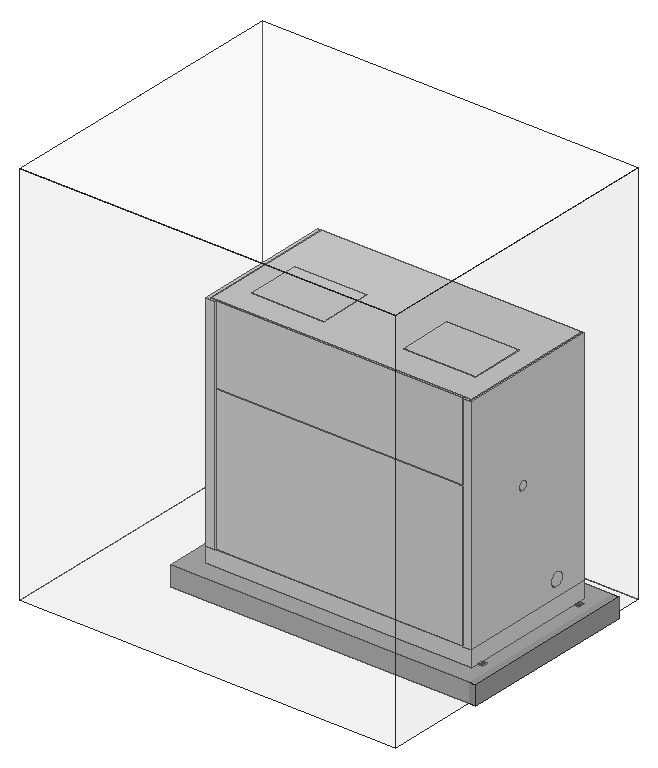
Revit family "pfav-p80_1600dmj1_3_50Hz", category 機械設備, Revit 2019
Family settings
  丸型コネクタ寸法 = 直径を使用
  パーツ タイプ = 標準
  OmniClass 番号 = 23.75.10.24.21.27.27
  OmniClass タイトル = Split System Air Conditioning Units
  作業面ベース = いいえ
  常に垂直 = はい
  ロード時にボイドで切り取り = いいえ
  共有 = いいえ
  部屋計算ポイント = いいえ
Parameters (values of type "PFAV-P1400DMJ3")
  風量（m3／min） = 450
  風量 = MAX風量  # 27000.0 m³/h
  音響パワーレベル(dB) = 77
  電源種別 = ""
  電圧_電気ヒーター = 0 V
  電圧 = 200 V
  電動機出力_送風機 = 15000 W
  電動機出力_圧縮機 = 0 W
  運転質量 = 0.00 kg
  連動 = ""
  質量 = if(製品質量 > 運転質量, 製品質量, 運転質量) * 1.2  # 778.80 kg
  負荷分類 = 3_ファン類
  説明 = "設備用パッケージエアコン 空冷床置形・冷暖兼用 ファシレアＤＤ"
  設計暖房能力 [instance] = 0 kW
  設計冷房能力_顕熱 [instance] = 0 kW
  設計冷房能力 [instance] = 0 kW
  設置方法 = "床置形"
  記号 [instance] = ""
  製造元 = "三菱電機株式会社"
  製品質量 = 649.00 kg
  製品出荷対象 = "国内"
  製品リリース年月 = "2024年5月13日"
  製品グループ = ""
  系統 [instance] = ""
  符号 = "PAC-FRV(J)"
  積算_科目 = "1 空気調和設備"
  積算_拾い区分 [instance] = ""
  相_電気ヒーター = 1
  相 = 3
  盤記号 [instance] = ""
  発停方法 = ""
  特殊仕様 [instance] = ""
  火災停止 = ""
  消費電力_電気ヒーター = 0 W
  消費電力_暖房 = 6090 W
  消費電力_加湿器 = 0 W
  消費電力_冷房 = 6090 W
  消費電力 = if(消費電力_冷房 > 消費電力_暖房, 消費電力_冷房, 消費電力_暖房) + 消費電力_加湿器 + 消費電力_電気ヒーター  # 6090 W
  法定耐用年数 = "15"
  機械基礎質量 [instance] = 0.00 kg
  機械基礎_W = 0 mm
  機械基礎_H = 150 mm
  機械基礎_D = 0 mm
  機械基礎 [instance] = no
  機外静圧 = 100.0 Pa
  極数 = 3
  材質 [instance] = ""
  本体マテリアル = none
  有効加湿量 = 0
  最小電線太さ_mm2 = 14
  最大電流値 = 42 A
  暖房能力 = 140 kW
  推奨ブレーカー容量 = 75 A
  形式_加湿器 = ""
  形式 = "床置（露出）立形"
  形名 = PFAV-P-DMJ : PFAV-P1400DMJ3
  幹線記号 [instance] = ""
  始動方式 = "直入"
  呼称 = "パッケージ形空気調和機_室内機"
  周波数 = 50 Hz
  台数_手元リモコン [instance] = ""
  台数_冷媒分岐ユニット [instance] = ""
  参照している仕様書等のバージョン = "公共建築工事標準仕様書（機械設備工事編）平成31年度版"
  加湿給水管径 = 43.00 mm
  分類コード = "50053003023020"
  分類グループ = ""
  冷房能力 = 122 kW
  冷媒高低圧ガス管径 = 0.00 mm
  冷媒管径符号 = "Ek"
  冷媒管径 = 100.00 mm
  冷媒液管径 = 19.05 mm
  冷媒ガス管径 = 38.10 mm
  価格 = 0
  企業コード = "108420"
  付属品_フィルター = ""
  付属品 [instance] = ""
  仕様書バージョン = "Version1.0"
  モデル = "PFAV-P1400DMJ3"
  ドレン管径 = 42.70 mm
  ダクト高 = 416 mm
  ダクト幅 = 554 mm
  サービススペース = yes
  コメント [instance] = ""
  Keynote = ""
  Width = 2045 mm
  Version = ""
  Uniclass2015Version = "Systems v1.9"
  Uniclass2015Title = "Split coil remote air cooled condensing units"
  Uniclass2015Code = "Pr_70_65_03_84"
  URL = "https://www.mitsubishielectric.co.jp/ldg/wink/qr/002/333196/"
  S寸法 = 150 mm
  SpecificationReference = ""
  SpecificationDescription = ""
  Revision = ""
  ProductInformation = ""
  OmniClassCode = "23-33 17 13 11"
  MAX風量 = 風量（m3／min） * 60.0 m³/h  # 27000.0 m³/h
  IfcTypeProduct = ""
  IfcProduct = ""
  IfcExportType = "AIRCONDITIONINGUNIT"
  IfcExportAs = "IfcUnitaryEquipmentType"
  Height = 1830 mm
  Depth = 1081 mm
  Clearance Top = 1000 mm
  Clearance Right = 100 mm
  Clearance Left = 750 mm
  Clearance Front = 850 mm
  Clearance Back = 400 mm
  COP = 0
  Author = "三菱電機株式会社"
  APF = 0
Types (11, lengths in mm): name | 風量（m3／min） | 風量 | 音響パワーレベル(dB) | 電動機出力_送風機 | 質量 | 製品質量 | 製品リリース年月 | 消費電力_暖房 | 消費電力_冷房 | 消費電力 | 機外静圧 | 最小電線太さ_mm2 | 最大電流値 | 暖房能力 | 推奨ブレーカー容量 | 形名 | 冷房能力 | 冷媒管径符号 | 冷媒液管径 | 冷媒ガス管径 | モデル | ドレン管径 | ダクト高 | ダクト幅 | Width | URL | MAX風量 | Height | Depth | Clearance Left | Clearance Front | Clearance Back
  PFAV-P80DMJ1 | 27 | 1620.0 m³/h | 61 | 1200 W | 145.20 kg | 121.00 kg | "2017年4月18日" | 150 W | 150 W | 150 W | 30.0 Pa | 1.6 | 5 A | 8 kW | 15 A | PFAV-P-DMJ : PFAV-P80DMJ1 | 7.1 kW | "Bd" | 9.52 | 15.88 | "PFAV-P80DMJ1" | 34.00 | 294 | 343 | 760 | "https://www.mitsubishielectric.co.jp/ldg/wink/ssl/displayProduct.do?pid=278603" | 1620.0 m³/h | 1730 | 485 | 100 | 800 | 50
  PFAV-P280DMJ3 | 90 | 5400.0 m³/h | 76 | 1200 W | 168.00 kg | 140.00 kg | "2024年5月13日" | 1150 W | 1150 W | 1150 W | 30.0 Pa | 1.6 | 5.8 A | 28 kW | 15 A | PFAV-P-DMJ : PFAV-P280DMJ3 | 25 kW | "Bf" | 9.52 | 22.20 | "PFAV-P280DMJ3" | 34.00 | 294 | 675 | 980 | "https://www.mitsubishielectric.co.jp/ldg/wink/qr/002/333190/" | 5400.0 m³/h | 1730 | 485 | 100 | 800 | 50
  PFAV-P450DMJ3 | 140 | 8400.0 m³/h | 75 | 2400 W | 288.00 kg | 240.00 kg | "2024年5月13日" | 1310 W | 1310 W | 1310 W | 30.0 Pa | 1.6 | 9.7 A | 45 kW | 15 A | PFAV-P-DMJ : PFAV-P450DMJ3 | 40 kW | "Ch" | 12.70 | 28.58 | "PFAV-P450DMJ3" | 34.00 | 444 | 1006 | 1200 | "https://www.mitsubishielectric.co.jp/ldg/wink/qr/002/333191/" | 8400.0 m³/h | 1897 | 635 | 100 | 800 | 50
  PFAV-P140DMJ1 | 45 | 2700.0 m³/h | 68 | 1200 W | 163.20 kg | 136.00 kg | "2017年4月18日" | 410 W | 410 W | 410 W | 30.0 Pa | 1.6 | 5 A | 14 kW | 15 A | PFAV-P-DMJ : PFAV-P140DMJ1 | 12.5 kW | "Bd" | 9.52 | 15.88 | "PFAV-P140DMJ1" | 34.00 | 294 | 343 | 760 | "https://www.mitsubishielectric.co.jp/ldg/wink/ssl/displayProduct.do?pid=278604" | 2700.0 m³/h | 1730 | 485 | 100 | 800 | 50
  PFAV-P224DMJ3 | 65 | 3900.0 m³/h | 68 | 1200 W | 163.20 kg | 136.00 kg | "2024年5月13日" | 510 W | 510 W | 510 W | 30.0 Pa | 1.6 | 5.8 A | 22.4 kW | 15 A | PFAV-P-DMJ : PFAV-P224DMJ3 | 20 kW | "Be" | 9.52 | 19.05 | "PFAV-P224DMJ3" | 34.00 | 294 | 675 | 980 | "https://www.mitsubishielectric.co.jp/ldg/wink/qr/002/333189/" | 3900.0 m³/h | 1730 | 485 | 100 | 800 | 50
  PFAV-P560DMJ3 | 165 | 9900.0 m³/h | 78 | 2400 W | 288.00 kg | 240.00 kg | "2024年5月13日" | 1690 W | 1690 W | 1690 W | 30.0 Pa | 1.6 | 9.7 A | 56 kW | 15 A | PFAV-P-DMJ : PFAV-P560DMJ3 | 50 kW | "Dh" | 15.88 | 28.58 | "PFAV-P560DMJ3" | 34.00 | 444 | 1006 | 1200 | "https://www.mitsubishielectric.co.jp/ldg/wink/qr/002/333192/" | 9900.0 m³/h | 1897 | 635 | 100 | 800 | 50
  PFAV-P670DMJ3 | 210 | 12600.0 m³/h | 77 | 7500 W | 508.80 kg | 424.00 kg | "2024年5月13日" | 2140 W | 2140 W | 2140 W | 100.0 Pa | 5.5 | 21 A | 63 kW | 40 A | PFAV-P-DMJ : PFAV-P670DMJ3 | 63 kW | "Dh" | 15.88 | 28.58 | "PFAV-P670DMJ3" | 42.70 | 416 | 554 | 1750 | "https://www.mitsubishielectric.co.jp/ldg/wink/qr/002/333193/" | 12600.0 m³/h | 1830 | 1081 | 750 | 800 | 400
  PFAV-P800DMJ3 | 260 | 15600.0 m³/h | 82 | 7500 W | 516.00 kg | 430.00 kg | "2024年5月13日" | 3640 W | 3640 W | 3640 W | 100.0 Pa | 5.5 | 21 A | 80 kW | 40 A | PFAV-P-DMJ : PFAV-P800DMJ3 | 71 kW | "Ei" | 19.05 | 31.75 | "PFAV-P800DMJ3" | 42.70 | 416 | 554 | 1750 | "https://www.mitsubishielectric.co.jp/ldg/wink/qr/002/333194/" | 15600.0 m³/h | 1830 | 1081 | 750 | 800 | 400
  PFAV-P1120DMJ3 | 340 | 20400.0 m³/h | 85 | 11000 W | 574.80 kg | 479.00 kg | "2024年5月13日" | 5960 W | 5960 W | 5960 W | 100.0 Pa | 8 | 32.4 A | 112 kW | 50 A | PFAV-P-DMJ : PFAV-P1120DMJ3 | 100 kW | "Ek" | 19.05 | 38.10 | "PFAV-P1120DMJ3" | 42.70 | 416 | 554 | 1750 | "https://www.mitsubishielectric.co.jp/ldg/wink/qr/002/333195/" | 20400.0 m³/h | 1830 | 1081 | 750 | 800 | 400
  PFAV-P1400DMJ3 | 450 | 27000.0 m³/h | 77 | 15000 W | 778.80 kg | 649.00 kg | "2024年5月13日" | 6090 W | 6090 W | 6090 W | 100.0 Pa | 14 | 42 A | 140 kW | 75 A | PFAV-P-DMJ : PFAV-P1400DMJ3 | 122 kW | "Ek" | 19.05 | 38.10 | "PFAV-P1400DMJ3" | 42.70 | 416 | 554 | 2045 | "https://www.mitsubishielectric.co.jp/ldg/wink/qr/002/333196/" | 27000.0 m³/h | 1830 | 1081 | 750 | 850 | 400
  PFAV-P1600DMJ3 | 520 | 31200.0 m³/h | 79 | 22000 W | 866.40 kg | 722.00 kg | "2024年5月13日" | 8420 W | 8420 W | 8420 W | 100.0 Pa | 22 | 64.8 A | 160 kW | 75 A | PFAV-P-DMJ : PFAV-P1600DMJ3 | 140 kW | "Ei" | 19.05 | 31.75 | "PFAV-P1600DMJ3" | 42.70 | 416 | 554 | 2045 | "https://www.mitsubishielectric.co.jp/ldg/wink/qr/002/333197/" | 31200.0 m³/h | 1830 | 1081 | 750 | 850 | 400
Reference planes
  plane 1: z = 0
  plane 2: z = 1980
  plane 3: z = 150
  plane 4: z = 2980
  plane 5 "中心(正面/背面)": y = -540.5
  plane 6 "中心(左/右)": x = 0
  plane 7 "左": x = -1022.5
  plane 8 "右": x = 1022.5
  plane 9 "正面": y = -1081
  plane 10 "背面": y = 0
  plane 11: y = 150
  plane 12: x = -1172.5
  plane 13: y = -1231
  plane 14: y = 400
  plane 15: y = -1931
  plane 16: x = -1772.5
  plane 17: x = 1122.5
  plane 18: x = 1172.5
Dimensions and locks
  "Height": plane 2 to plane 3
  "Clearance Top": plane 4 to plane 2
  "機械基礎_H": plane 3 to plane 1
  equal spacing: plane 7 "左", plane 6 "中心(左/右)", plane 8 "右"
  "Width": plane 7 "左" to plane 8 "右"
  equal spacing: plane 9 "正面", plane 5 "中心(正面/背面)", plane 10 "背面"
  "Depth": plane 9 "正面" to plane 10 "背面"
  "S寸法": plane 10 "背面" to plane 11
  "S寸法": plane 13 to plane 9 "正面"
  "S寸法": plane 12 to plane 7 "左"
  "Clearance Left": plane 16 to plane 7 "左"
  "Clearance Right": plane 8 "右" to plane 17
  "Clearance Front": plane 15 to plane 9 "正面"
  "Clearance Back": plane 10 "背面" to plane 14
  "S寸法": plane 8 "右" to plane 18
  nested 3 to plane 10 "背面" = 410 mm
  nested 3 to plane 8 "右" = 175 mm
  aligned and locked: level to plane 1
  aligned and locked: plane 13 to nested 1
  aligned and locked: plane 12 to nested 1
  aligned and locked: plane 11 to nested 1
  aligned and locked: plane 17 to nested 2
  aligned and locked: nested 2 to plane 15
  aligned and locked: nested 2 to plane 16
  aligned and locked: nested 2 to plane 14
  aligned and locked: plane 18 to nested 1
  aligned and locked: plane 4 to nested 2
  aligned and locked: plane 6 "中心(左/右)" to nested 3
  aligned and locked: plane 5 "中心(正面/背面)" to nested 3
Nested families
  nested 1: "機械基礎" at (0, -540.5, 0), type "機械基礎", detail levels fine
    with 機械基礎質量 184.68 kg, 機械基礎_W 2345 mm, 機械基礎_H 150 mm, 機械基礎_D 1381 mm
  nested 2: "サービススペース(PFAV-P-DMJ)" at (-325, -765.5, 1490), visible <- "サービススペース", type "サービススペース(PFAV-P-DMJ)"
    with Width 2895 mm, Height 2980 mm, Depth 2331 mm
  nested 3: "PFAV-P-DMJ" at (0, -540.5, 150), type <- "形名", マテリアル1 <- "本体マテリアル", type "PFAV-P1400DMJ3"
    with 表示 yes, マテリアル2 none, マテリアル1 none
Connectors
  electrical at (1025.5, -592, 1190), driven by "極数", driven by "負荷分類", driven by "電圧", driven by "消費電力"
    settings: on nested 3, index 3, voltage 200 V, apparent load 6090 VA, apparent load phase1 0 VA, apparent load phase2 0 VA, apparent load phase3 0 VA, power factor 1, load classification "3_ファン類", number of poles 3, system type 30, power factor state 1, is connector primary yes, connector utility no, sub classification motor no, connector description ""
  piping at (-1025.5, -265.5, 400), diameter 100, driven by "冷媒管径", driven by "冷媒管径符号"
    settings: on nested 3, index 4, connector inside diameter 609.60 mm, connector length 0 mm, flow factor 0, pipe flow 0.0 L/s, pressure drop 0.0 Pa, fitting loss kfactor 0, connector angle 0.00°, fixture units 0, engagement length 0 mm, angle of deflection 0.00°, flow configuration 1, flow direction 1, fitting loss method 4, system type 7, joint type 0, gender type 0, connector reference index -1, connector utility 0, adjustable connector no, is connector primary yes, connector description "Ek"
  piping at (-1025.5, -465.5, 400), diameter 100, driven by "冷媒管径", driven by "冷媒管径符号"
    settings: on nested 3, index 5, connector inside diameter 609.60 mm, connector length 0 mm, flow factor 0, pipe flow 0.0 L/s, pressure drop 0.0 Pa, fitting loss kfactor 0, connector angle 0.00°, fixture units 0, engagement length 0 mm, angle of deflection 0.00°, flow configuration 1, flow direction 1, fitting loss method 4, system type 7, joint type 0, gender type 0, connector reference index -1, connector utility 0, adjustable connector no, is connector primary no, connector description "Ek"
  piping at (-0.5, 1, 190), diameter 42.7, driven by "ドレン管径"
    settings: on nested 3, index 7, connector inside diameter 609.60 mm, connector length 0 mm, flow factor 0, pipe flow 0.0 L/s, pressure drop 0.0 Pa, fitting loss kfactor 0, connector angle 0.00°, fixture units 0, engagement length 0 mm, angle of deflection 0.00°, flow configuration 1, flow direction 2, fitting loss method 4, system type 16, joint type 0, gender type 0, connector reference index -1, connector utility 0, adjustable connector no, is connector primary no, connector description ""
  piping at (1025.5, -265.5, 400), diameter 100, driven by "冷媒管径", driven by "冷媒管径符号"
    settings: on nested 3, index 8, connector inside diameter 609.60 mm, connector length 0 mm, flow factor 0, pipe flow 0.0 L/s, pressure drop 0.0 Pa, fitting loss kfactor 0, connector angle 0.00°, fixture units 0, engagement length 0 mm, angle of deflection 0.00°, flow configuration 1, flow direction 1, fitting loss method 4, system type 7, joint type 0, gender type 0, connector reference index -1, connector utility 0, adjustable connector no, is connector primary no, connector description "Ek"
  piping at (1022.5, -465.5, 400), diameter 100, driven by "冷媒管径", driven by "冷媒管径符号"
    settings: on nested 3, index 9, connector inside diameter 609.60 mm, connector length 0 mm, flow factor 0, pipe flow 0.0 L/s, pressure drop 0.0 Pa, fitting loss kfactor 0, connector angle 0.00°, fixture units 0, engagement length 0 mm, angle of deflection 0.00°, flow configuration 1, flow direction 1, fitting loss method 4, system type 7, joint type 0, gender type 0, connector reference index -1, connector utility 0, adjustable connector no, is connector primary no, connector description "Ek"
  piping at (-1023.5, -314, 190), diameter 42.7, driven by "ドレン管径"
    settings: on nested 3, index 11, connector inside diameter 609.60 mm, connector length 0 mm, flow factor 0, pipe flow 0.0 L/s, pressure drop 0.0 Pa, fitting loss kfactor 0, connector angle 0.00°, fixture units 0, engagement length 0 mm, angle of deflection 0.00°, flow configuration 1, flow direction 2, fitting loss method 4, system type 16, joint type 0, gender type 0, connector reference index -1, connector utility 0, adjustable connector no, is connector primary no, connector description ""
  hvac at (570.5, -618, 1981), driven by "ダクト高", driven by "ダクト幅", driven by "機外静圧", driven by "風量"
    settings: on nested 3, index 12, duct flow 27000.0 m³/h, flow factor 0, pres drop 100.0 Pa, loss coef 0, conn angle 0.00°, conn width 554 mm, conn height 416 mm, conn diameter 609.6 mm, duct sys type 1, conn prof type 1, flow config 1, flow direction 2, loss method 4, conn ref index -1, conn util no, is conn primary yes, conn desc ""
  hvac at (-566.5, -659, 1981), driven by "ダクト高", driven by "ダクト幅", driven by "機外静圧", driven by "風量"
    settings: on nested 3, index 13, duct flow 27000.0 m³/h, flow factor 0, pres drop 100.0 Pa, loss coef 0, conn angle 0.00°, conn width 554 mm, conn height 416 mm, conn diameter 609.6 mm, duct sys type 1, conn prof type 1, flow config 1, flow direction 2, loss method 4, conn ref index -1, conn util no, is conn primary no, conn desc ""
Definition of nested family "機械基礎"
  Parameters (values of type "機械基礎")
    機械基礎質量 [instance] = 0.00 kg
    機械基礎_W [instance] = 1300 mm
    機械基礎_H [instance] = 150 mm
    機械基礎_D [instance] = 1300 mm
  Reference planes
    plane 1 "中心(正面/背面)": y = 0
    plane 2: z = 0
    plane 3 "中心(左/右)": x = 0
    plane 4: x = -650
    plane 5: y = -650
    plane 6: x = 650
    plane 7: y = 650
    plane 8: z = 150
  Forms (mm)
    Extrusion 1, solid, detail levels fine
      sketch origin (0, 0, 0) x (1, 0, 0) y (0, 1, 0)
        loop
          line (-650, -650) -> (650, -650) -> (650, 650) -> (-650, 650) -> (-650, -650)
      from 0 to 150
  Lines and regions (mm)
    symbolic lines, detail levels fine
      curve 1: line (-650, 650, 0) -> (650, 650, 0)
      curve 2: line (-650, -650, 0) -> (-650, 650, 0)
      curve 3: line (650, -650, 0) -> (-650, -650, 0)
      curve 4: line (650, 650, 0) -> (650, -650, 0)
    symbolic lines
      curve 5: line (-650, 0, 150) -> (650, 0, 150)
      curve 6: line (-650, 0, 0) -> (-650, 0, 150)
      curve 7: line (650, 0, 0) -> (-650, 0, 0)
      curve 8: line (650, 0, 150) -> (650, 0, 0)
      curve 9: line (0, -650, 150) -> (0, 650, 150)
      curve 10: line (0, -650, 0) -> (0, -650, 150)
      curve 11: line (0, 650, 0) -> (0, -650, 0)
      curve 12: line (0, 650, 150) -> (0, 650, 0)
  Dimensions and locks
    "機械基礎_H": plane 8 to plane 2
    "機械基礎_W": plane 4 to plane 6
    "機械基礎_D": plane 5 to plane 7
    equal spacing: plane 5, plane 1 "中心(正面/背面)", plane 7
    equal spacing: plane 4, plane 3 "中心(左/右)", plane 6
    aligned and locked: plane 6 to Extrusion 1
    aligned and locked: Extrusion 1 to plane 4
    aligned and locked: Extrusion 1 to plane 7
    aligned and locked: Extrusion 1 to plane 5
    aligned and locked: plane 8 to Extrusion 1
    aligned and locked: curve 1 to Extrusion 1
    aligned and locked: curve 2 to Extrusion 1
    aligned and locked: curve 3 to Extrusion 1
    aligned and locked: curve 4 to Extrusion 1
    aligned and locked: curve 5 to Extrusion 1
    aligned and locked: curve 6 to Extrusion 1
    aligned and locked: curve 7 to Extrusion 1
    aligned and locked: curve 8 to Extrusion 1
    aligned and locked: curve 9 to Extrusion 1
    aligned and locked: curve 10 to Extrusion 1
    aligned and locked: curve 11 to Extrusion 1
    aligned and locked: curve 12 to Extrusion 1
  Automatic sketch dimensions
    Extrusion 1 sketch curve to plane 4 = 0 mm
    Extrusion 1 sketch curve to plane 6 = 0 mm
    plane 5 to Extrusion 1 sketch curve = 0 mm
    plane 7 to Extrusion 1 sketch curve = 0 mm
Definition of nested family "サービススペース(PFAV-P-DMJ)"
  Parameters (values of type "サービススペース")
    Width [instance] = 500 mm
    Height [instance] = 500 mm
    Depth [instance] = 500 mm
  Reference planes
    plane 1 "中心(正面/背面)": y = 0
    plane 2: z = 0
    plane 3 "中心(左/右)": x = 0
    plane 4: y = -250
    plane 5: x = 250
    plane 6: y = 250
    plane 7: x = -250
    plane 8: z = 250
    plane 9: z = -250
  Forms (mm)
    Extrusion 1, solid
      sketch origin (-638.939, 0, 72.39) x (1, 0, 0) y (0, 1, 0)
        loop
          line (388.939, 250) -> (388.939, -250) -> (888.939, -250) -> (888.939, 250) -> (388.939, 250)
      from -322.39 to 177.61
  Lines and regions (mm)
    symbolic lines
      curve 1: line (-250, 0, 250) -> (250, 0, 250)
      curve 2: line (-250, 0, -250) -> (-250, 0, 250)
      curve 3: line (250, 0, -250) -> (-250, 0, -250)
      curve 4: line (250, 0, 250) -> (250, 0, -250)
      curve 5: line (0, -250, 250) -> (0, 250, 250)
      curve 6: line (0, -250, -250) -> (0, -250, 250)
      curve 7: line (0, 250, -250) -> (0, -250, -250)
      curve 8: line (0, 250, 250) -> (0, 250, -250)
      curve 9: line (-250, 250, 0) -> (250, 250, 0)
      curve 10: line (-250, -250, 0) -> (-250, 250, 0)
      curve 11: line (250, -250, 0) -> (-250, -250, 0)
      curve 12: line (250, 250, 0) -> (250, -250, 0)
  Dimensions and locks
    equal spacing: plane 7, plane 3 "中心(左/右)", plane 5
    equal spacing: plane 4, plane 1 "中心(正面/背面)", plane 6
    "Depth": plane 4 to plane 6
    "Width": plane 7 to plane 5
    equal spacing: plane 8, plane 2, plane 9
    "Height": plane 8 to plane 9
    aligned and locked: plane 9 to curve 3
    aligned and locked: plane 7 to curve 2
    aligned and locked: curve 4 to plane 5
    aligned and locked: plane 5 to Extrusion 1
    aligned and locked: Extrusion 1 to plane 7
    aligned and locked: Extrusion 1 to plane 9
    aligned and locked: plane 8 to Extrusion 1
    aligned and locked: plane 9 to curve 7
  Automatic sketch dimensions
    plane 4 to Extrusion 1 sketch curve = 0 mm
    Extrusion 1 sketch curve to plane 7 = 0 mm
    Extrusion 1 sketch curve to plane 5 = 0 mm
    plane 6 to Extrusion 1 sketch curve = 0 mm
    curve 2 to plane 8 = 0 mm
    plane 4 to curve 11 = 0 mm
    curve 11 to plane 7 = 0 mm
    curve 11 to plane 5 = 0 mm
    plane 6 to curve 10 = 0 mm
    curve 7 to plane 4 = 0 mm
    curve 7 to plane 6 = 0 mm
    curve 6 to plane 8 = 0 mm
Definition of nested family "PFAV-P-DMJ"
  Parameters (values of type "PFAV-P1600DMJ3")
    液径 = 19.05 mm
    液②-D = 673 mm
    液-W = 0 mm
    液-H = 255 mm
    液①-D = 863 mm
    吹出口表示 = yes
    冷媒配管② = yes
    冷媒径 = 100 mm
    ドレン② = yes
    ドレン① = no
    ガス②-D = 769 mm
    ①高 = 1830 mm
    電源径 = 62 mm
    電源-W = 0 mm
    電源-H = 1040 mm
    電源-D = 489 mm
    表示 [instance] = yes
    ①幅 = 2045 mm
    ①奥行 = 1081 mm
    吊りボルト径 = 20 mm
    吊りボルト-W = 2101 mm
    吊りボルト-D = 931 mm
    吊りボルト-H = 0 mm
    ガス径 = 31.75 mm
    ガス-W = 0 mm
    ガス-H = 245 mm
    ガス①-D = 958 mm
    マテリアル2 [instance] = none
    マテリアル1 [instance] = none
    ドレン径 = 42.7 mm
    ドレン-W = 1023 mm
    ドレン-H = 40 mm
    ドレン-D = 314 mm
    w = 554 mm
    k = 451 mm
    j = 583 mm
    h = 1 mm
    f = 0 mm
    e = 600 mm
    c = 3 mm
    d = 416 mm
    b = 175 mm
    a = 410 mm
  Types (11, lengths in mm): name | 液径 | 液②-D | 液-H | 液①-D | 吹出口表示 | 冷媒配管② | ドレン② | ドレン① | ガス②-D | ①高 | 電源径 | 電源-H | 電源-D | ①幅 | ①奥行 | 吊りボルト径 | 吊りボルト-W | 吊りボルト-D | ガス径 | ガス-H | ガス①-D | ドレン径 | ドレン-W | ドレン-H | ドレン-D | w | k | j | h | c | d | b | a
    PFAV-P80DMJ1 | 9.52 | 49 | 172 | 249 | no | no | no | yes | 49 | 1730 | 27 | 262 | 326 | 760 | 485 | 12 | 806 | 300 | 15.88 | 262 | 249 | 34 | 200 | 54 | 240 | 343 | 19 | 0 | 20 | 10 | 294 | 236 | 42
    PFAV-P140DMJ1 | 9.52 | 49 | 172 | 249 | no | no | no | yes | 49 | 1730 | 27 | 262 | 326 | 760 | 485 | 12 | 806 | 300 | 15.88 | 262 | 249 | 34 | 200 | 54 | 240 | 343 | 19 | 0 | 20 | 10 | 294 | 236 | 42
    PFAV-P224DMJ3 | 9.52 | 451 | 172 | 251 | no | no | no | yes | 451 | 1730 | 27 | 262 | 328 | 980 | 485 | 12 | 1026 | 300 | 19.05 | 262 | 251 | 34 | 200 | 54 | 240 | 675 | 22 | 0 | 20 | 10 | 294 | 191 | 41
    PFAV-P280DMJ3 | 9.52 | 451 | 172 | 251 | no | no | no | yes | 451 | 1730 | 27 | 262 | 328 | 980 | 485 | 12 | 1026 | 300 | 22.2 | 262 | 251 | 34 | 200 | 54 | 240 | 675 | 22 | 0 | 20 | 10 | 294 | 191 | 41
    PFAV-P450DMJ3 | 12.7 | 444 | 203 | 244 | no | no | no | yes | 328 | 1897 | 37 | 249 | 475 | 1200 | 635 | 12 | 1246 | 440 | 28.58 | 209 | 128 | 34 | 200 | 54 | 314 | 1006 | 24 | 0 | 3 | 10 | 444 | 97 | 44
    PFAV-P560DMJ3 | 15.88 | 444 | 203 | 244 | no | no | no | yes | 328 | 1897 | 37 | 249 | 475 | 1200 | 635 | 12 | 1246 | 440 | 28.58 | 209 | 128 | 34 | 200 | 54 | 314 | 1006 | 24 | 0 | 3 | 10 | 444 | 97 | 44
    PFAV-P670DMJ3 | 15.88 | 608 | 255 | 408 | no | no | yes | no | 513 | 1830 | 62 | 1040 | 592 | 1750 | 1081 | 15 | 1806 | 931 | 28.58 | 245 | 313 | 42.7 | 875 | 40 | 314 | 554 | 412 | 0 | 1 | 3 | 416 | 512 | 412
    PFAV-P800DMJ3 | 19.05 | 608 | 255 | 408 | no | no | yes | no | 513 | 1830 | 62 | 1040 | 592 | 1750 | 1081 | 15 | 1806 | 931 | 31.75 | 245 | 313 | 42.7 | 875 | 40 | 314 | 554 | 412 | 0 | 1 | 3 | 416 | 512 | 412
    PFAV-P1120DMJ3 | 19.05 | 608 | 255 | 408 | no | no | yes | no | 513 | 1830 | 62 | 1040 | 592 | 1750 | 1081 | 15 | 1806 | 931 | 38.1 | 245 | 313 | 42.7 | 875 | 40 | 314 | 554 | 412 | 0 | 1 | 3 | 416 | 512 | 412
    PFAV-P1400DMJ3 | 19.05 | 608 | 255 | 408 | yes | no | yes | no | 323 | 1830 | 62 | 1040 | 592 | 2045 | 1081 | 20 | 2101 | 931 | 38.1 | 245 | 123 | 42.7 | 1023 | 40 | 314 | 554 | 451 | 583 | 1 | 3 | 416 | 175 | 410
    PFAV-P1600DMJ3 | 19.05 | 673 | 255 | 863 | yes | yes | yes | no | 769 | 1830 | 62 | 1040 | 489 | 2045 | 1081 | 20 | 2101 | 931 | 31.75 | 245 | 958 | 42.7 | 1023 | 40 | 314 | 554 | 451 | 583 | 1 | 3 | 416 | 175 | 410
  Reference planes
    plane 1 "中心(正面/背面)": y = 0
    plane 2: z = 0
    plane 3 "中心(左/右)": x = 0
    plane 4: x = 1022.5
    plane 5: x = -1022.5
    plane 6: y = 540.5
    plane 7: y = -540.5
    plane 8: z = 1831
    plane 9: z = 1230
    plane 10: z = 1830
    plane 11: z = 120
    plane 12: y = 465.5
    plane 13: y = -465.5
    plane 14: x = 1050.5
    plane 15: x = -1050.5
    plane 16: y = 130.5
    plane 17: y = -460.5
    plane 18: z = 40
    plane 19: z = 1040
    plane 20: y = -322.5
    plane 21: z = 255
    plane 22: z = 245
    plane 23: z = 1829
    plane 24: y = -417.5
    plane 25: x = 1002.5
    plane 26: x = -1002.5
    plane 27: z = 1227
    plane 28: y = -520.5
    plane 29: x = -952.5
    plane 30: x = 952.5
    plane 31: y = -537.5
    plane 32: x = 1062.5
    plane 33: x = -1062.5
    plane 34: y = 485.5
    plane 35: y = 445.5
    plane 36: y = -445.5
    plane 37: y = -485.5
    plane 38: y = 130.5
    plane 39: z = 5
    plane 40: x = 847.5
    plane 41: x = 847.5
    plane 42: x = 293.5
    plane 43: x = 293.5
    plane 44: y = -285.5
    plane 45: y = -285.5
    plane 46: y = 226.5
    plane 47: y = 51.5
    plane 48: x = 1025.5
    plane 49: y = -370
    plane 50: z = 250
    plane 51: x = -1023.5
    plane 52: y = 541.5
    plane 53: x = -0.5
    plane 54: x = -1025.5
    plane 55: y = 77.5
    plane 56 "液②-D": y = -132.5
    plane 57 "ガス②-D": y = -228.5
    plane 58: y = -180.5
    plane 59: x = -289.5
    plane 60: x = -843.5
    plane 61: y = 89.5
    plane 62: y = -326.5
  Forms (mm)
    Extrusion 1, solid, material <- "マテリアル1", visible <- "表示", detail levels fine
      sketch origin (0, 0, -400) x (1, 0, 0) y (0, 1, 0)
        loop
          line (952.5, -520.5) -> (-952.5, -520.5) -> (-952.5, -537.5) -> (952.5, -537.5) -> (952.5, -520.5)
      from 1630 to 2230
    Extrusion 2, solid, material <- "マテリアル1", visible <- "表示", detail levels fine
      sketch origin (0, 0, -800) x (1, 0, 0) y (0, 1, 0)
        loop
          line (-952.5, -537.5) -> (952.5, -537.5) -> (952.5, -520.5) -> (-952.5, -520.5) -> (-952.5, -537.5)
      from 920 to 2027
    Extrusion 3, solid, material <- "マテリアル2", visible <- "表示", detail levels fine
      sketch origin (0, 0, 0) x (1, 0, 0) y (0, 1, 0)
        loop
          line (1022.5, 485.5) -> (1022.5, 445.5) -> (1062.5, 445.5) -> (1062.5, 485.5) -> (1022.5, 485.5)
        loop
          line (1022.5, -445.5) -> (1022.5, -485.5) -> (1062.5, -485.5) -> (1062.5, -445.5) -> (1022.5, -445.5)
        loop
          line (-1062.5, 485.5) -> (-1062.5, 445.5) -> (-1022.5, 445.5) -> (-1022.5, 485.5) -> (-1062.5, 485.5)
        loop
          line (-1062.5, -445.5) -> (-1062.5, -485.5) -> (-1022.5, -485.5) -> (-1022.5, -445.5) -> (-1062.5, -445.5)
        loop
          circle (-1050.5, 465.5) r 10
        loop
          circle (1050.5, 465.5) r 10
        loop
          circle (1050.5, -465.5) r 10
        loop
          circle (-1050.5, -465.5) r 10
      from 0 to 5
    Extrusion 4, solid, material <- "マテリアル2", visible <- "表示", detail levels fine
      sketch origin (0, -1140, 0) x (0, -1, 0) y (1, 0, 0)
        loop
          line (-1270.5, 847.5) -> (-1270.5, 293.5) -> (-854.5, 293.5) -> (-854.5, 847.5) -> (-1270.5, 847.5)
      from 1830 to 1831
    Extrusion 5, solid, material <- "マテリアル1", visible <- "表示", detail levels fine
      sketch origin (-1437.329, -1524, 1831) x (-1, 0, 0) y (0, -1, 0)
        loop
          line (-414.829, -2064.5) -> (-414.829, -983.5) -> (-484.829, -983.5) -> (-484.829, -1003.5) -> (-434.829, -1003.5) -> (-434.829, -2064.5) -> (-414.829, -2064.5)
        loop
          line (-2439.829, -2064.5) -> (-2439.829, -1003.5) -> (-2389.829, -1003.5) -> (-2389.829, -983.5) -> (-2459.829, -983.5) -> (-2459.829, -2064.5) -> (-2439.829, -2064.5)
      from -1711 to -1
    Extrusion 6, solid, material <- "マテリアル1", visible <- "表示", detail levels fine
      sketch origin (-1437.329, -1524, 1831) x (-1, 0, 0) y (0, -1, 0)
        loop
          line (-2439.829, -2064.5) -> (-434.829, -2064.5) -> (-434.829, -1003.5) -> (-2439.829, -1003.5) -> (-2439.829, -2064.5)
      from -1711 to -1
    Extrusion 7, solid, material <- "マテリアル2", visible <- "表示", detail levels fine
      sketch origin (-1437.329, -1524, 1831) x (-1, 0, 0) y (0, -1, 0)
        loop
          line (-414.829, -2064.5) -> (-414.829, -983.5) -> (-2459.829, -983.5) -> (-2459.829, -2064.5) -> (-414.829, -2064.5)
      from -1831 to -1711
    Extrusion 8, solid, material <- "マテリアル2", visible <- "表示", detail levels fine
      sketch origin (1022.5, 1296.25, 1200) x (0, 1, 0) y (0, 0, 1)
        loop
          circle (-1244.75, -160) r 31
      from 0 to 3
    Extrusion 9, solid, material <- "マテリアル1", visible <- "表示", detail levels fine
      sketch origin (1022.5, 1296.25, 1200) x (0, 1, 0) y (0, 0, 1)
        loop
          circle (-1666.25, -950) r 50
      from 0 to 3
    Extrusion 10, solid, material <- "マテリアル1", visible <- "ドレン①", detail levels fine
      sketch origin (-1022.5, 1296.25, 1200) x (0, 1, 0) y (0, 0, 1)
        loop
          circle (-1069.75, -1160) r 21.35
      from -1 to 0
    Extrusion 11, solid, material <- "マテリアル1", visible <- "ドレン②", detail levels fine
      sketch origin (1480.036, -537.5, 2000) x (1, 0, 0) y (0, 0, 1)
        loop
          circle (-1480.536, -1960) r 21.35
      from -1079 to -1078
    Extrusion 12, solid, material <- "マテリアル1", visible <- "表示", detail levels fine
      sketch origin (-1022.5, 1296.25, 1200) x (0, 1, 0) y (0, 0, 1)
        loop
          circle (-1244.75, -160) r 31
      from -3 to 0
    Extrusion 13, solid, material <- "マテリアル1", visible <- "表示", detail levels fine
      sketch origin (-1022.5, 1296.25, 1200) x (0, 1, 0) y (0, 0, 1)
        loop
          circle (-1666.25, -950) r 50
      from -3 to 0
    Extrusion 14, solid, material <- "マテリアル1", visible <- "冷媒配管②", detail levels fine
      sketch origin (1022.5, 1296.25, 1200) x (0, 1, 0) y (0, 0, 1)
        loop
          circle (-1476.75, -950) r 50
      from 0 to 3
    Extrusion 15, solid, material <- "マテリアル1", visible <- "冷媒配管②", detail levels fine
      sketch origin (-1022.5, 1296.25, 1200) x (0, 1, 0) y (0, 0, 1)
        loop
          circle (-1476.75, -950) r 50
      from -3 to 0
    Extrusion 16, solid, material <- "マテリアル1", visible <- "吹出口表示", detail levels fine
      sketch origin (-1437.329, -1524, 1831) x (-1, 0, 0) y (0, -1, 0)
        loop
          line (-593.829, -1613.5) -> (-593.829, -1197.5) -> (-1147.829, -1197.5) -> (-1147.829, -1613.5) -> (-593.829, -1613.5)
      from -1 to 0
  Lines and regions (mm)
    Masking region 1, visible <- "表示", detail levels coarse+medium
      outline origin (0, 0, 0) x (1, 0, 0) y (0, 1, 0)
        loop
          line (-1022.5, 540.5) -> (-1022.5, -540.5) -> (1022.5, -540.5) -> (1022.5, 540.5) -> (-1022.5, 540.5)
    symbolic lines, visible <- "表示"
      curve 1: line (-1022.5, 540.5, 1831) -> (-1022.5, -540.5, 1831)
      curve 2: line (-1022.5, -540.5, 1831) -> (1022.5, -540.5, 1831)
      curve 3: line (1022.5, -540.5, 1831) -> (1022.5, 540.5, 1831)
      curve 4: line (1022.5, 540.5, 1831) -> (-1022.5, 540.5, 1831)
      curve 5: line (293.5, 130.5, 1831) -> (293.5, -285.5, 1831)
      curve 6: line (293.5, -285.5, 1831) -> (847.5, -285.5, 1831)
      curve 7: line (847.5, -285.5, 1831) -> (847.5, 130.5, 1831)
      curve 8: line (847.5, 130.5, 1831) -> (293.5, 130.5, 1831)
  Dimensions and locks
    equal spacing: plane 7, plane 1 "中心(正面/背面)", plane 6
    "①奥行": plane 7 to plane 6
    equal spacing: plane 5, plane 3 "中心(左/右)", plane 4
    "①幅": plane 5 to plane 4
    locked: plane 11 to level at 120
    equal spacing: plane 13, plane 1 "中心(正面/背面)", plane 12
    "吊りボルト-D": plane 13 to plane 12
    equal spacing: plane 15, plane 3 "中心(左/右)", plane 14
    "吊りボルト-W": plane 15 to plane 14
    "a": plane 16 to plane 6
    locked: plane 7 to plane 17 at 80
    "ドレン-H": plane 18 to level
    "電源-H": plane 19 to level
    "液-H": plane 21 to level
    "e": plane 10 to plane 9
    "ガス-H": plane 22 to level
    "h": plane 8 to plane 10
    locked: plane 8 to plane 23 at 2
    locked: plane 5 to plane 26 at 20
    locked: plane 25 to plane 4 at 20
    "c": plane 9 to plane 27
    locked: plane 7 to plane 28 at 20
    locked: plane 26 to plane 29 at 50
    locked: plane 30 to plane 25 at 50
    locked: plane 7 to plane 31 at 3
    locked: plane 33 to plane 5 at 40
    locked: plane 4 to plane 32 at 40
    plane 37 to plane 13 to plane 36 = 20 mm locked, 20 mm locked
    plane 35 to plane 12 to plane 34 = 20 mm locked, 20 mm locked
    "f": plane 38 to plane 16
    locked: plane 39 to level at 5
    "b": plane 40 to plane 4
    "f": plane 43 to plane 42
    "f": plane 41 to plane 40
    "w": plane 42 to plane 41
    "f": plane 44 to plane 45
    "d": plane 45 to plane 38
    "①高": plane 10 to level
    "液①-D": plane 20 to plane 6
    "ガス①-D": plane 24 to plane 6
    "ドレン-D": plane 46 to plane 6
    "電源-D": plane 47 to plane 6
    locked: plane 4 to plane 48 at 3
    equal spacing: plane 24, plane 49, plane 20
    equal spacing: plane 21, plane 50, plane 22
    locked: plane 51 to plane 5 at 1
    locked: plane 6 to plane 52 at 1
    "ドレン-W": plane 53 to plane 4
    locked: plane 54 to plane 5 at 3
    "液②-D": plane 6 to plane 56 "液②-D"
    "ガス②-D": plane 6 to plane 57 "ガス②-D"
    equal spacing: plane 56 "液②-D", plane 58, plane 57 "ガス②-D"
    "j": plane 59 to plane 43
    "w": plane 60 to plane 59
    "k": plane 61 to plane 6
    "d": plane 62 to plane 61
    "吊りボルト径": diameter of Extrusion 3 sketch curve  (x4)
    "電源径": diameter of Extrusion 8 sketch curve
    "冷媒径": diameter of Extrusion 9 sketch curve
    "ドレン径": diameter of Extrusion 10 sketch curve
    "ドレン径": diameter of Extrusion 11 sketch curve
    "電源径": diameter of Extrusion 12 sketch curve
    "冷媒径": diameter of Extrusion 13 sketch curve
    "冷媒径": diameter of Extrusion 14 sketch curve
    "冷媒径": diameter of Extrusion 15 sketch curve
    aligned and locked: level to plane 2
    aligned and locked: plane 13 to nested 1
    aligned and locked: plane 14 to nested 1
    aligned and locked: plane 15 to nested 1
    aligned and locked: nested 1 to plane 12
    aligned and locked: Extrusion 2 to plane 11
    aligned and locked: Extrusion 1 to plane 9
    aligned and locked: Extrusion 5 to plane 11
    aligned and locked: Extrusion 4 to plane 10
    aligned and locked: plane 10 to Extrusion 5
    aligned and locked: plane 10 to Extrusion 1
    aligned and locked: plane 27 to Extrusion 2
    aligned and locked: Extrusion 2 sketch curve to plane 28
    aligned and locked: Extrusion 5 sketch curve to plane 7  (x2)
    aligned and locked: Extrusion 5 sketch curve to plane 29
    aligned and locked: Extrusion 5 sketch curve to plane 30
    aligned and locked: Extrusion 5 sketch curve to plane 25
    aligned and locked: plane 28 to Extrusion 5 sketch curve  (x2)
    aligned and locked: Extrusion 2 sketch curve to plane 29
    aligned and locked: Extrusion 2 sketch curve to plane 30
    aligned and locked: plane 31 to Extrusion 2 sketch curve
    aligned and locked: Extrusion 1 sketch curve to plane 30
    aligned and locked: Extrusion 1 sketch curve to plane 29
    aligned and locked: Extrusion 1 sketch curve to plane 28
    aligned and locked: Extrusion 1 sketch curve to plane 31
    aligned and locked: Extrusion 6 sketch curve to plane 6
    aligned and locked: Extrusion 6 sketch curve to plane 26
    aligned and locked: Extrusion 6 sketch curve to plane 28
    aligned and locked: Extrusion 6 sketch curve to plane 25
    aligned and locked: plane 10 to Extrusion 6
    aligned and locked: Extrusion 6 to plane 11
    aligned and locked: plane 34 to Extrusion 3 sketch curve  (x2)
    aligned and locked: plane 4 to Extrusion 3 sketch curve  (x2)
    aligned and locked: Extrusion 3 sketch curve to plane 35  (x2)
    aligned and locked: Extrusion 3 sketch curve to plane 32  (x2)
    aligned and locked: plane 36 to Extrusion 3 sketch curve  (x2)
    aligned and locked: Extrusion 3 sketch curve to plane 37  (x2)
    aligned and locked: plane 33 to Extrusion 3 sketch curve  (x2)
    aligned and locked: Extrusion 3 sketch curve to plane 5  (x2)
    aligned and locked: plane 12 to Extrusion 3 sketch curve  (x2)
    aligned and locked: plane 15 to Extrusion 3 sketch curve  (x2)
    aligned and locked: plane 13 to Extrusion 3 sketch curve  (x2)
    aligned and locked: plane 14 to Extrusion 3 sketch curve  (x2)
    aligned and locked: Extrusion 3 to level
    aligned and locked: plane 39 to Extrusion 3
    aligned and locked: Extrusion 7 sketch curve to Extrusion 5
    aligned and locked: Extrusion 7 sketch curve to Extrusion 6
    aligned and locked: Extrusion 7 to level
    aligned and locked: plane 11 to Extrusion 7
    aligned and locked: Extrusion 4 sketch curve to plane 38
    aligned and locked: Extrusion 4 sketch curve to plane 45
    aligned and locked: Extrusion 4 sketch curve to plane 41
    aligned and locked: Extrusion 4 sketch curve to plane 42
    aligned and locked: Masking region 1 sketch curve to Extrusion 7
    aligned and locked: Masking region 1 sketch curve to Extrusion 5
    aligned and locked: Masking region 1 sketch curve to plane 7
    aligned and locked: Masking region 1 sketch curve to plane 4
    aligned and locked: curve 1 to Masking region 1
    aligned and locked: curve 3 to Masking region 1
    aligned and locked: curve 4 to Masking region 1
    aligned and locked: plane 47 to Extrusion 8 sketch curve
    aligned and locked: plane 19 to Extrusion 8 sketch curve
    aligned and locked: Extrusion 8 to plane 4
    aligned and locked: plane 48 to Extrusion 8
    aligned and locked: plane 49 to Extrusion 9 sketch curve
    aligned and locked: plane 50 to Extrusion 9 sketch curve
    aligned and locked: Extrusion 9 to plane 4
    aligned and locked: plane 48 to Extrusion 9
    aligned and locked: plane 5 to Extrusion 5 sketch curve
    aligned and locked: plane 4 to Extrusion 5 sketch curve
    aligned and locked: Extrusion 7 sketch curve to plane 7
    aligned and locked: plane 4 to Extrusion 7 sketch curve
    aligned and locked: plane 46 to Extrusion 10 sketch curve
    aligned and locked: plane 18 to Extrusion 10 sketch curve
    aligned and locked: Extrusion 10 to plane 51
    aligned and locked: plane 5 to Extrusion 10
    aligned and locked: plane 18 to Extrusion 11 sketch curve
    aligned and locked: plane 53 to Extrusion 11 sketch curve
    aligned and locked: Extrusion 11 to plane 52
    aligned and locked: plane 6 to Extrusion 11
    aligned and locked: plane 47 to Extrusion 12 sketch curve
    aligned and locked: plane 50 to Extrusion 13 sketch curve
    aligned and locked: plane 49 to Extrusion 13 sketch curve
    aligned and locked: plane 54 to Extrusion 13
    aligned and locked: plane 5 to Extrusion 13
    aligned and locked: Extrusion 12 to Extrusion 13
    aligned and locked: plane 5 to Extrusion 12
    aligned and locked: plane 58 to Extrusion 14 sketch curve
    aligned and locked: plane 50 to Extrusion 14 sketch curve
    aligned and locked: plane 54 to Extrusion 15
    aligned and locked: plane 5 to Extrusion 15
    aligned and locked: Extrusion 14 to plane 4
    aligned and locked: plane 48 to Extrusion 14
    aligned and locked: plane 50 to Extrusion 15 sketch curve
    aligned and locked: plane 58 to Extrusion 15 sketch curve
    aligned and locked: plane 19 to Extrusion 12 sketch curve
    aligned and locked: plane 8 to Extrusion 4
    aligned and locked: plane 61 to Extrusion 16 sketch curve
    aligned and locked: plane 60 to Extrusion 16 sketch curve
    aligned and locked: Extrusion 16 sketch curve to plane 62
    aligned and locked: Extrusion 16 sketch curve to plane 59
    aligned and locked: Extrusion 16 to plane 10
    aligned and locked: plane 8 to Extrusion 16
  Automatic sketch dimensions
    Extrusion 5 sketch curve to plane 26 = 0 mm
    plane 6 to Extrusion 5 sketch curve = 0 mm  (x2)
    plane 28 to Extrusion 2 sketch curve = 0 mm
    plane 7 to curve 2 = 0 mm
    plane 16 to curve 7 = 0 mm
    curve 7 to plane 40 = 0 mm
    curve 5 to plane 43 = 0 mm
    plane 44 to curve 7 = 0 mm
  Nested families
    nested 1: "固定点" at (-1050.5, -465.5, 0), visible <- "表示", type "固定点", detail levels fine
      with W 2101 mm, D 931 mm
  Definition of nested family "固定点"
    Parameters (values of type "固定点")
      中心円 = 20 mm
      W [instance] = 1000 mm
      D [instance] = 1000 mm
    Reference planes
      plane 1 "中心(正面/背面)": y = 0
      plane 2: z = 0
      plane 3 "中心(左/右)": x = 0
      plane 4: x = 1000
      plane 5: y = 1000
    Lines and regions (mm)
      symbolic lines, detail levels fine
        curve 1: circle (0, 1000, 0) r 10 normal (0, 0, 1)
        curve 2: circle (0, 0, 0) r 10 normal (0, 0, 1)
        curve 3: circle (1000, 1000, 0) r 10 normal (0, 0, 1)
        curve 4: circle (1000, 0, 0) r 10 normal (0, 0, 1)
        curve 5: line (-200, 1000, 0) -> (1200, 1000, 0)
        curve 6: line (-200, 0, 0) -> (1200, 0, 0)
        curve 7: line (0, 1200, 0) -> (0, -200, 0)
        curve 8: line (1000, 1200, 0) -> (1000, -200, 0)
    Dimensions and locks
      "W": plane 3 "中心(左/右)" to plane 4
      "D": plane 1 "中心(正面/背面)" to plane 5
      "中心円": diameter of curve 1
      "中心円": diameter of curve 2
      "中心円": diameter of curve 3
      "中心円": diameter of curve 4
      aligned and locked: level to plane 2
      aligned and locked: plane 5 to curve 1
      aligned and locked: plane 3 "中心(左/右)" to curve 1
      aligned and locked: plane 3 "中心(左/右)" to curve 2
      aligned and locked: plane 1 "中心(正面/背面)" to curve 2
      aligned and locked: plane 4 to curve 3
      aligned and locked: plane 5 to curve 3
      aligned and locked: plane 1 "中心(正面/背面)" to curve 4
      aligned and locked: plane 4 to curve 4
      aligned and locked: plane 1 "中心(正面/背面)" to curve 6
      aligned and locked: curve 7 to plane 3 "中心(左/右)"
      aligned and locked: curve 8 to plane 4
    Automatic sketch dimensions
      curve 5 to plane 5 = 0 mm
      curve 6 to plane 3 "中心(左/右)" = 200 mm
      curve 5 to plane 3 "中心(左/右)" = 200 mm
      curve 4 to curve 6 = 200 mm
      curve 3 to curve 5 = 200 mm
      plane 1 "中心(正面/背面)" to curve 8 = 200 mm
      plane 1 "中心(正面/背面)" to curve 7 = 200 mm
      curve 3 to curve 8 = 200 mm
      curve 1 to curve 7 = 200 mm
